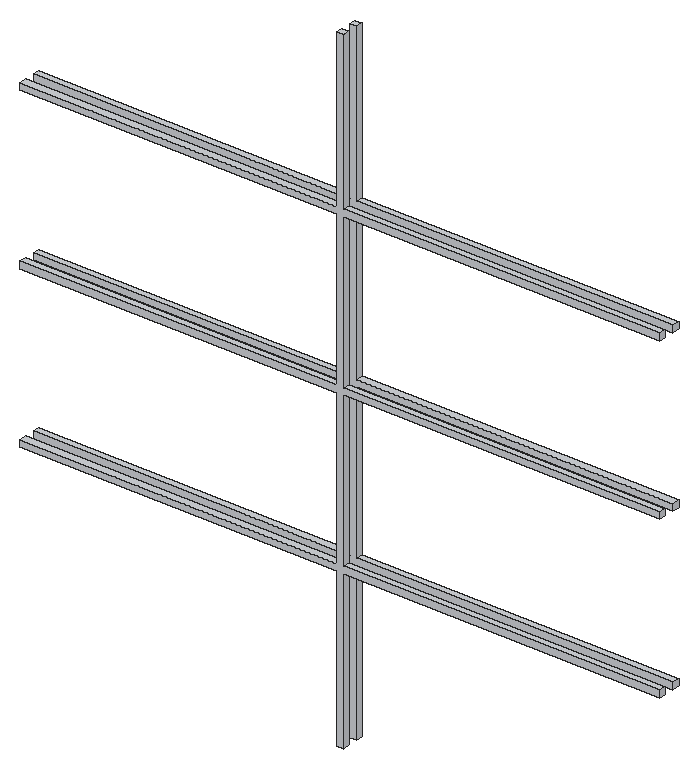
Revit family "ab9b773fd6fa43e78c20ef6b9f0f8843", category Generic Models, Revit 2021
Family settings
  Can host rebar = No
  Round Connector Dimension = Use Diameter
  Part Type = Normal
  Work Plane-Based = No
  Always vertical = Yes
  Cut with Voids When Loaded = No
  Shared = Yes
  Room Calculation Point = No
Parameters
  Width [instance] = 4' - 0"
  Thickness = 0' - 0 1/2"
  Height [instance] = 4' - 0"
  Interior Material [instance] = none
  Exterior Material [instance] = none
  Distance = 0' - 0 3/4"
  Default Elevation = 0' - 0"
Reference planes (in)
  plane 1 "Center (Front/Back)": y = 0
  plane 2: z = 0
  plane 3 "Center (Left/Right)": x = 0
  plane 4: z = 48
  plane 5: x = -24
  plane 6: x = 24
  plane 7: z = 24
  plane 8 "a": y = 0.375
  plane 9 "b": y = -0.375
  plane 10: y = 0.875
  plane 11: y = -0.875
  plane 12: z = 36.25
  plane 13: z = 35.75
  plane 14: z = 12.25
  plane 15: z = 11.75
  plane 16: z = 36
  plane 17: z = 12
  plane 18: x = -0.25
  plane 19: x = 0.25
  plane 20: z = 24.25
  plane 21: z = 23.75
Forms (in)
  Extrusion 1, solid, material <- "Exterior Material", detail levels fine
    sketch origin (0, 0.375, 0) x (-1, 0, 0) y (0, 0, 1)
      loop
        line (0.25, 48) -> (-0.25, 48) -> (-0.25, 36.25) -> (-24, 36.25) -> (-24, 35.75) -> (-0.25, 35.75) -> (-0.25, 24.25) -> (-24, 24.25) -> (-24, 23.75) -> (-0.25, 23.75) -> (-0.25, 12.25) -> (-24, 12.25) -> (-24, 11.75) -> (-0.25, 11.75) -> (-0.25, 0) -> (0.25, 0) -> (0.25, 11.75) -> (24, 11.75) -> (24, 12.25) -> (0.25, 12.25) -> (0.25, 23.75) -> (24, 23.75) -> (24, 24.25) -> (0.25, 24.25) -> (0.25, 35.75) -> (24, 35.75) -> (24, 36.25) -> (0.25, 36.25) -> (0.25, 48)
    from 0 to 0.5
  Extrusion 2, solid, material <- "Interior Material", detail levels fine
    sketch origin (0, -0.375, 0) x (-1, 0, 0) y (0, 0, 1)
      loop
        line (0.25, 48) -> (-0.25, 48) -> (-0.25, 36.25) -> (-24, 36.25) -> (-24, 35.75) -> (-0.25, 35.75) -> (-0.25, 24.25) -> (-24, 24.25) -> (-24, 23.75) -> (-0.25, 23.75) -> (-0.25, 12.25) -> (-24, 12.25) -> (-24, 11.75) -> (-0.25, 11.75) -> (-0.25, 0) -> (0.25, 0) -> (0.25, 11.75) -> (24, 11.75) -> (24, 12.25) -> (0.25, 12.25) -> (0.25, 23.75) -> (24, 23.75) -> (24, 24.25) -> (0.25, 24.25) -> (0.25, 35.75) -> (24, 35.75) -> (24, 36.25) -> (0.25, 36.25) -> (0.25, 48)
    from 0 to -0.5
Lines and regions (in)
  model lines, detail levels medium
    curve 1: line (-24, 0.375, 36) -> (24, 0.375, 36)
    curve 2: line (-24, 0.375, 12) -> (24, 0.375, 12)
    curve 3: line (0, 0.375, 48) -> (0, 0.375, 0)
    curve 4: line (-24, -0.375, 36) -> (24, -0.375, 36)
    curve 5: line (-24, -0.375, 12) -> (24, -0.375, 12)
    curve 6: line (0, -0.375, 0) -> (0, -0.375, 48)
    curve 7: line (-24, -0.375, 24) -> (24, -0.375, 24)
    curve 8: line (-24, 0.375, 24) -> (24, 0.375, 24)
Dimensions and locks (in)
  equal spacing: plane 6, plane 3 "Center (Left/Right)", plane 5
  "Width": plane 6 to plane 5
  "Height": plane 4 to plane 2
  equal spacing: plane 4, plane 7, plane 2
  equal spacing: plane 8 "a", plane 1 "Center (Front/Back)", plane 9 "b"
  "Distance": plane 8 "a" to plane 9 "b"
  "Thickness": plane 10 to plane 8 "a"
  "Thickness": plane 9 "b" to plane 11
  equal spacing: plane 18, plane 3 "Center (Left/Right)", plane 19
  locked: plane 12 to plane 13 at 0.5
  locked: plane 18 to plane 19 at 0.5
  equal spacing: plane 12, plane 16, plane 13
  equal spacing: plane 14, plane 17, plane 15
  locked: plane 14 to plane 15 at 0.5
  equal spacing: plane 20, plane 7, plane 21
  locked: plane 20 to plane 21 at 0.5
  equal spacing: plane 4, plane 16, plane 7
  equal spacing: plane 7, plane 17, level
  aligned and locked: plane 2 to level
  aligned and locked: plane 5 to curve 1
  aligned and locked: plane 5 to curve 2
  aligned and locked: plane 6 to curve 2
  aligned and locked: plane 6 to curve 1
  aligned and locked: plane 2 to curve 3
  aligned and locked: plane 4 to curve 3
  aligned and locked: curve 1 to plane 16
  aligned and locked: curve 2 to plane 17
  aligned and locked: curve 3 to plane 3 "Center (Left/Right)"
  aligned and locked: curve 4 to plane 16
  aligned and locked: plane 6 to curve 4
  aligned and locked: plane 5 to curve 4
  aligned and locked: plane 5 to curve 5
  aligned and locked: curve 5 to plane 17
  aligned and locked: plane 6 to curve 5
  aligned and locked: plane 4 to curve 6
  aligned and locked: plane 3 "Center (Left/Right)" to curve 6
  aligned and locked: level to curve 6
  aligned and locked: plane 6 to curve 7
  aligned and locked: curve 7 to plane 7
  aligned and locked: plane 5 to curve 7
  aligned and locked: curve 8 to plane 7
  aligned and locked: plane 6 to curve 8
  aligned and locked: plane 5 to curve 8
  aligned and locked: plane 4 to Extrusion 1 sketch curve
  aligned and locked: plane 18 to Extrusion 1 sketch curve  (x4)
  aligned and locked: Extrusion 1 sketch curve to plane 19  (x4)
  aligned and locked: plane 12 to Extrusion 1 sketch curve
  aligned and locked: Extrusion 1 sketch curve to plane 12
  aligned and locked: Extrusion 1 sketch curve to plane 5  (x3)
  aligned and locked: Extrusion 1 sketch curve to plane 13
  aligned and locked: plane 6 to Extrusion 1 sketch curve  (x3)
  aligned and locked: plane 13 to Extrusion 1 sketch curve
  aligned and locked: plane 20 to Extrusion 1 sketch curve
  aligned and locked: Extrusion 1 sketch curve to plane 20
  aligned and locked: Extrusion 1 sketch curve to plane 21  (x2)
  aligned and locked: plane 14 to Extrusion 1 sketch curve
  aligned and locked: Extrusion 1 sketch curve to plane 14
  aligned and locked: Extrusion 1 sketch curve to plane 15  (x2)
  aligned and locked: Extrusion 1 sketch curve to level
  aligned and locked: Extrusion 1 to plane 8 "a"
  aligned and locked: Extrusion 1 to plane 10
  aligned and locked: plane 4 to Extrusion 2 sketch curve
  aligned and locked: plane 18 to Extrusion 2 sketch curve  (x4)
  aligned and locked: Extrusion 2 sketch curve to plane 19  (x4)
  aligned and locked: plane 12 to Extrusion 2 sketch curve
  aligned and locked: Extrusion 2 sketch curve to plane 13
  aligned and locked: Extrusion 2 sketch curve to plane 5  (x3)
  aligned and locked: Extrusion 2 sketch curve to plane 12
  aligned and locked: plane 13 to Extrusion 2 sketch curve
  aligned and locked: plane 6 to Extrusion 2 sketch curve  (x3)
  aligned and locked: plane 20 to Extrusion 2 sketch curve
  aligned and locked: Extrusion 2 sketch curve to plane 20
  aligned and locked: Extrusion 2 sketch curve to plane 21  (x2)
  aligned and locked: plane 14 to Extrusion 2 sketch curve
  aligned and locked: Extrusion 2 sketch curve to plane 14
  aligned and locked: Extrusion 2 sketch curve to plane 15  (x2)
  aligned and locked: Extrusion 2 sketch curve to level
  aligned and locked: plane 9 "b" to Extrusion 2
  aligned and locked: Extrusion 2 to plane 11
